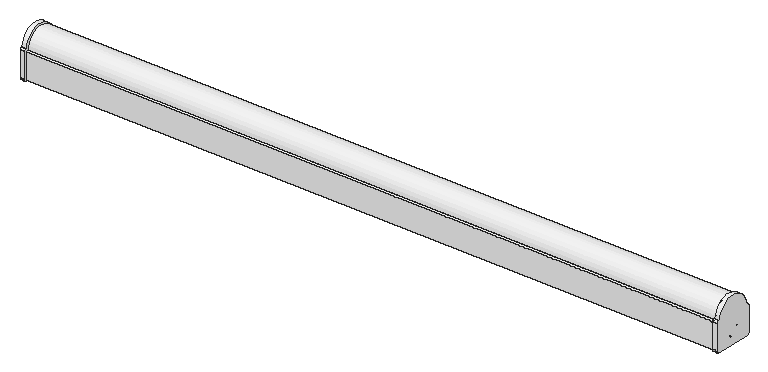
Revit family "0045196 Feilo Sylvania Lighting Fixture SYLBATTEN LED3 6000K DALI TP5 ", category Lighting Fixtures, host Face, Revit 2017
Family settings
  Host = Face
  Round Connector Dimension = Use Diameter
  Part Type = Normal
  OmniClass Number = 23.80.70.00
  OmniClass Title = Lighting
  Cut with Voids When Loaded = No
  Light Source = Yes
  Shared = No
  Room Calculation Point = No
Parameters (values of type "0045196 SYLBATTEN LED3 6000K DALI TP5")
  Width_FEILO = 66 mm
  Weight = "2.6 kg"
  Wattage Comments = "n/a"
  Wattage = 26 W
  WarrantyStartDate [instance] = "n/a"
  WarrantyGuarantorParts = "n/a"
  WarrantyDurationUnit = "n/a"
  WarrantyDurationParts = "n/a"
  WarrantyDescription = "n/a"
  built-in parameter 1150110 = 1 (stored number, unit not read)
  Voltage = 230 V
  URL = "http://www.sylvania-lighting.com"
  TypeName = "SYLBATTEN LED3 6000K DALI TP5"
  Type Image = <None>
  Type Comments = "n/a"
  built-in parameter 1114217 = 1 (stored number, unit not read)
  Tilt Angle = -90.00°
  built-in parameter 1150109 = 1 (stored number, unit not read)
  built-in parameter 1150134 = 5
  SymReflector_FEILO = no
  built-in parameter 1150113 = 1 (stored number, unit not read)
  SerialNumber [instance] = "n/a"
  PowerFactor = 0
  PowerConsumption = "26 W"
  Photometric Web File = "0045196.ies"
  NominalLength = 1205 mm
  NominalHeight = 76 mm
  NominalDepth = 66 mm
  Name = "SYLBATTEN LED3 6000K DALI TP5"
  ModelReference = Name  # "SYLBATTEN LED3 6000K DALI TP5"
  ModelNumber = "0045196"
  Model = Name  # "SYLBATTEN LED3 6000K DALI TP5"
  Material_4_FEILO = Reflector-Sylvania-Sylbatten-White
  Material_3_FEILO = Diffuser-Sylvania-Sylbatten-Glow
  Material_2_FEILO = Body-Sylvania-Sylbatten-White
  Material_1_FEILO = Body-Sylvania-Sylbatten-White
  Material = "sheet steel housing, polycarbonate diffuser"
  ManufacturerName = "Feilo Sylvania"
  Manufacturer = "Feilo Sylvania"
  LuminousEfficacy = "113 lm/W"
  built-in parameter 1150105 = 233.8 (stored number, unit not read)
  Lumens = 2938 lm
  LuminaireType = ""
  built-in parameter 1150115 = 1 (stored number, unit not read)
  LightOutputRatio = "100"
  built-in parameter 1150137 = (empty or 0)
  built-in parameter 1150139 = (empty or 0)
  Length_FEILO = 1205 mm
  LampsType = Lamp  # "LED"
  LampNominalLuminous = "2938 lm"
  LampMacAdamStep = "n/a"
  LampColourTemperature = "6000 K"
  LampColourRenderingIndex = "80"
  built-in parameter 1150112 = 1 (stored number, unit not read)
  built-in parameter 1150114 = 1 (stored number, unit not read)
  Lamp = "LED"
  Keynote = "16500"
  InstallationDate [instance] = "n/a"
  InputVoltage = "220-240V~"
  InputNominalFrequency = "n/a"
  built-in parameter 1150132 = (empty or 0)
  built-in parameter 1150102 = (empty or 0)
  built-in parameter 1150107 = 6000 (stored number, unit not read)
  built-in parameter 1150138 = (empty or 0)
  IngressProtection = "IP20"
  ImpactProtectionIndex = "IK07"
  built-in parameter 1150106 = 2.338 (stored number, unit not read)
  IfcExportType = "IfcLightFixtureType"
  IfcExportAs = "IfcLightFixtureType"
  Height_FEILO = 76 mm
  ExpectedLife = 50000
  Emit from Rectangle Width = Length_FEILO - 16 mm  # 1189 mm
  Emit from Rectangle Length = Width_FEILO - 40 mm  # 26 mm
  Emit Shape Visible in Rendering = no
  ElectricShockClassification = "Class I"
  built-in parameter 1150104 = 10.498 (stored number, unit not read)
  DurationUnit = "hours"
  DocumentationLiterature = "http://www.sylvania-lighting.com/product/en-int/products/0045196"
  DimmingControlOptions = "Dimmable"
  Dimming Lamp Color Temperature Shift = <None>
  Description = "LED batten, T8 replacement, ease of installation through 2 part push-in design of the housing (safety cable included), through wiring capability (TP5 = 5 core), sheet steel, 2938LM, 26W, 113lm/W, 6000K, drive current: 350mA, CRI 80, 138° wide beam angle, DALI dimmable, IP20, IK07, 50,000 hrs (L70), (LxWxH) 1205x66x76mm, 5 step MacAdam ellipse, 3kg, white RAL 9016, Class 1, 220-240V, energy class: A++, A+, A."
  Default Elevation = 1219.2 mm
  CreatedOn = "2/22/2018"
  CreatedBy = ""
  Cost = 0
  Color Filter = 16777215
  built-in parameter 1114216 [instance] = (empty or 0)
  ClassificationValue = "EF_70_80"
  ClassificationName = "Uniclass2015"
  CapOffset_FEILO = 2 mm
  BarCode [instance] = "n/a"
  built-in parameter 1114218 = 1 (stored number, unit not read)
  BackReflector_FEILO = and(not(AsymReflector_FEILO), SymReflector_FEILO)  # no
  built-in parameter 1150133 = 10 (stored number, unit not read)
  FrontReflector_FEILO = or(AsymReflector_FEILO, SymReflector_FEILO)  # no
  AsymReflector_FEILO = no
  AssetType = "Fixed"
  AssetIdentifier [instance] = "n/a"
  Assembly Code = "D5020200"
  Apparent Load = 26 VA
Reference planes
  plane 1 "Center (Front/Back)": y = 0
  plane 2: z = 0
  plane 3 "Center (Left/Right)": x = 0
  plane 4: x = 602.5
  plane 5: x = -602.5
  plane 6: y = 33
  plane 7: y = -33
  plane 8: z = 76
  plane 9: z = 47
  plane 10: y = -29
  plane 11: y = 29
  plane 12: z = 20
  plane 13: z = 74
  plane 14: y = -31
  plane 15: y = -27
  plane 16: y = 27
  plane 17: y = 31
  plane 18: z = 2
  plane 19: x = -594.5
  plane 20: x = 594.5
  plane 21: z = 49
  plane 22: y = 1
  plane 23: y = -1
  plane 24: z = 21
  plane 25: z = 19
  plane 26: y = -61
  plane 27: y = 61
  plane 28: y = -56
  plane 29: y = 56
  plane 30: z = 91
  plane 31: z = 88
Forms (mm)
  Extrusion 1, solid, material "Body-Sylvania-Sylbatten-White" <- "Material_2_FEILO"
    sketch origin (0, 0, 0) x (0, 1, 0) y (0, 0, 1)
      loop
        line (-31, 2) -> (31, 2) -> (31, 45)
        arc (31, 45) -> (30.414, 46.414) -> (29, 47) r 2
        line (29, 47) -> (27, 47)
        arc (27, 47) -> (0, 74) -> (-27, 47) r 27
        line (-27, 47) -> (-29, 47)
        arc (-29, 47) -> (-30.414, 46.414) -> (-31, 45) r 2
        line (-31, 45) -> (-31, 2)
    from -594.5 to 594.5
  Extrusion 2, solid, material "Body-Sylvania-Sylbatten-White" <- "Material_2_FEILO"
    sketch origin (602.5, 1524, 1219.2) x (0, 1, 0) y (0, 0, 1)
      loop
        arc (-1494, -1219.2) -> (-1491.879, -1218.321) -> (-1491, -1216.2) r 3
        line (-1491, -1216.2) -> (-1491, -1173.2)
        arc (-1491, -1173.2) -> (-1491.879, -1171.079) -> (-1494, -1170.2) r 3
        line (-1494, -1170.2) -> (-1495.069, -1170.2)
        arc (-1495.069, -1170.2) -> (-1524, -1143.2) -> (-1552.931, -1170.2) r 29
        line (-1552.931, -1170.2) -> (-1554, -1170.2)
        arc (-1554, -1170.2) -> (-1556.121, -1171.079) -> (-1557, -1173.2) r 3
        line (-1557, -1173.2) -> (-1557, -1216.2)
        arc (-1557, -1216.2) -> (-1556.121, -1218.321) -> (-1554, -1219.2) r 3
        line (-1554, -1219.2) -> (-1494, -1219.2)
      loop
        arc (-1525, -1189.25) -> (-1531.071, -1192.129) -> (-1533.95, -1198.2) r 10
        line (-1533.95, -1198.2) -> (-1532.944, -1198.2)
        arc (-1532.944, -1198.2) -> (-1530.364, -1192.836) -> (-1525, -1190.256) r 9
        line (-1525, -1190.256) -> (-1525, -1189.25)
      loop
        arc (-1523, -1190.256) -> (-1517.636, -1192.836) -> (-1515.056, -1198.2) r 9
        line (-1515.056, -1198.2) -> (-1514.05, -1198.2)
        arc (-1514.05, -1198.2) -> (-1516.929, -1192.129) -> (-1523, -1189.25) r 10
        line (-1523, -1189.25) -> (-1523, -1190.256)
      loop
        line (-1532.944, -1200.2) -> (-1533.95, -1200.2)
        arc (-1533.95, -1200.2) -> (-1531.071, -1206.271) -> (-1525, -1209.15) r 10
        line (-1525, -1209.15) -> (-1525, -1208.144)
        arc (-1525, -1208.144) -> (-1530.364, -1205.564) -> (-1532.944, -1200.2) r 9
      loop
        arc (-1515.056, -1200.2) -> (-1517.636, -1205.564) -> (-1523, -1208.144) r 9
        line (-1523, -1208.144) -> (-1523, -1209.15)
        arc (-1523, -1209.15) -> (-1516.929, -1206.271) -> (-1514.05, -1200.2) r 10
        line (-1514.05, -1200.2) -> (-1515.056, -1200.2)
    from 0 to -8
  Extrusion 3, solid, material "Body-Sylvania-Sylbatten-White" <- "Material_2_FEILO"
    sketch origin (-602.5, 1524, 1219.2) x (0, 1, 0) y (0, 0, 1)
      loop
        arc (-1495.069, -1170.2) -> (-1524, -1143.2) -> (-1552.931, -1170.2) r 29
        line (-1552.931, -1170.2) -> (-1554, -1170.2)
        arc (-1554, -1170.2) -> (-1556.121, -1171.079) -> (-1557, -1173.2) r 3
        line (-1557, -1173.2) -> (-1557, -1216.2)
        arc (-1557, -1216.2) -> (-1556.121, -1218.321) -> (-1554, -1219.2) r 3
        line (-1554, -1219.2) -> (-1494, -1219.2)
        arc (-1494, -1219.2) -> (-1491.879, -1218.321) -> (-1491, -1216.2) r 3
        line (-1491, -1216.2) -> (-1491, -1173.2)
        arc (-1491, -1173.2) -> (-1491.879, -1171.079) -> (-1494, -1170.2) r 3
        line (-1494, -1170.2) -> (-1495.069, -1170.2)
      loop
        line (-1533.95, -1198.2) -> (-1532.944, -1198.2)
        arc (-1532.944, -1198.2) -> (-1530.364, -1192.836) -> (-1525, -1190.256) r 9
        line (-1525, -1190.256) -> (-1525, -1189.25)
        arc (-1525, -1189.25) -> (-1531.071, -1192.129) -> (-1533.95, -1198.2) r 10
      loop
        line (-1523, -1189.25) -> (-1523, -1190.256)
        arc (-1523, -1190.256) -> (-1517.636, -1192.836) -> (-1515.056, -1198.2) r 9
        line (-1515.056, -1198.2) -> (-1514.05, -1198.2)
        arc (-1514.05, -1198.2) -> (-1516.929, -1192.129) -> (-1523, -1189.25) r 10
      loop
        line (-1514.05, -1200.2) -> (-1515.056, -1200.2)
        arc (-1515.056, -1200.2) -> (-1517.636, -1205.564) -> (-1523, -1208.144) r 9
        line (-1523, -1208.144) -> (-1523, -1209.15)
        arc (-1523, -1209.15) -> (-1516.929, -1206.271) -> (-1514.05, -1200.2) r 10
      loop
        line (-1525, -1209.15) -> (-1525, -1208.144)
        arc (-1525, -1208.144) -> (-1530.364, -1205.564) -> (-1532.944, -1200.2) r 9
        line (-1532.944, -1200.2) -> (-1533.95, -1200.2)
        arc (-1533.95, -1200.2) -> (-1531.071, -1206.271) -> (-1525, -1209.15) r 10
    from 0 to 8
  Extrusion 4, solid, material "Reflector-Sylvania-Sylbatten-White" <- "Material_4_FEILO", visible <- "FrontReflector_FEILO"
    sketch origin (0, 0, 0) x (0, 1, 0) y (0, 0, 1)
      loop
        line (-61.257, 88.429) -> (-60.743, 87.571) -> (-56.621, 90.044)
        arc (-56.621, 90.044) -> (-56.237, 90.099) -> (-55.929, 89.863) r 0.5
        line (-55.929, 89.863) -> (-31.435, 46.753) -> (-30.565, 47.247) -> (-55.312, 90.802)
        arc (-55.312, 90.802) -> (-55.928, 91.275) -> (-56.696, 91.165) r 1
        line (-56.696, 91.165) -> (-61.257, 88.429)
    from -594.5 to 594.5
  Extrusion 5, solid, material "Reflector-Sylvania-Sylbatten-White" <- "Material_4_FEILO", visible <- "BackReflector_FEILO"
    sketch origin (0, 0, 0) x (0, 1, 0) y (0, 0, 1)
      loop
        line (30.565, 47.247) -> (31.435, 46.753) -> (55.932, 89.868)
        arc (55.932, 89.868) -> (56.245, 90.112) -> (56.638, 90.062) r 0.518
        line (56.638, 90.062) -> (61.033, 87.565) -> (61.527, 88.435) -> (56.682, 91.188)
        arc (56.682, 91.188) -> (55.922, 91.282) -> (55.318, 90.812) r 1
        line (55.318, 90.812) -> (30.565, 47.247)
    from -594.5 to 594.5
Lines and regions (mm)
  reference lines
    curve 1: line (0, -61, 88) -> (0, -56, 91)
    curve 2: line (0, -56, 91) -> (0, -31, 47)
    curve 3: line (0, 31, 47) -> (0, 56, 91)
    curve 4: line (0, 56, 91) -> (0, 61.28, 88)
Dimensions and locks
  equal spacing: plane 5, plane 3 "Center (Left/Right)", plane 4
  equal spacing: plane 7, plane 1 "Center (Front/Back)", plane 6
  "Width_FEILO": plane 7 to plane 6
  "Length_FEILO": plane 5 to plane 4
  "Height_FEILO": plane 8 to plane 2
  locked: plane 9 to plane 8 at 29
  equal spacing: plane 10, plane 1 "Center (Front/Back)", plane 11
  locked: plane 7 to plane 10 at 4
  locked: plane 12 to plane 2 at 20
  "CapOffset_FEILO": plane 13 to plane 8
  "CapOffset_FEILO": plane 7 to plane 14
  "CapOffset_FEILO": plane 10 to plane 15
  "CapOffset_FEILO": plane 17 to plane 6
  "CapOffset_FEILO": plane 16 to plane 11
  "CapOffset_FEILO": plane 18 to plane 2
  locked: plane 14 to Extrusion 1 sketch curve at 2
  locked: Extrusion 1 sketch curve to plane 9 at 2  (x2)
  locked: plane 16 to Extrusion 1 sketch curve at 2
  equal spacing: plane 19, plane 3 "Center (Left/Right)", plane 20
  locked: plane 5 to plane 19 at 8
  "CapOffset_FEILO": plane 9 to plane 21
  locked: Extrusion 2 sketch curve to plane 2 at 47
  locked: Extrusion 1 sketch curve to plane 2 at 47
  locked: Extrusion 2 sketch curve to plane 2 at 3  (x2)
  locked: plane 7 to Extrusion 2 sketch curve at 3  (x2)
  locked: Extrusion 2 sketch curve to plane 6 at 3  (x2)
  locked: Extrusion 2 sketch curve to plane 21 at 3  (x2)
  equal spacing: plane 23, plane 1 "Center (Front/Back)", plane 22
  equal spacing: plane 25, plane 12, plane 24
  plane 30 to plane 31 to plane 2 = 3 mm locked, 88 mm locked
  plane 28 to plane 29 = 112 mm
  plane 26 to plane 27 = 122 mm
  aligned and locked: plane 2 to host face
  aligned and locked: level to host face
  aligned and locked: plane 18 to Extrusion 1 sketch curve
  aligned and locked: plane 14 to Extrusion 1 sketch curve
  aligned and locked: Extrusion 1 sketch curve to plane 9  (x2)
  aligned and locked: Extrusion 1 sketch curve to plane 17
  aligned and locked: plane 15 to Extrusion 1 sketch curve
  aligned and locked: plane 16 to Extrusion 1 sketch curve
  aligned and locked: plane 9 to Extrusion 1 sketch curve
  aligned and locked: plane 20 to Extrusion 1
  aligned and locked: level to Extrusion 2 sketch curve
  aligned and locked: Extrusion 2 sketch curve to plane 7
  aligned and locked: plane 21 to Extrusion 2 sketch curve
  aligned and locked: Extrusion 2 sketch curve to plane 21
  aligned and locked: plane 1 "Center (Front/Back)" to Extrusion 2 sketch curve  (x3)
  aligned and locked: Extrusion 2 to Extrusion 1
  aligned and locked: plane 4 to Extrusion 2
  aligned and locked: plane 12 to Extrusion 2 sketch curve  (x2)
  aligned and locked: Extrusion 2 sketch curve to plane 22
  aligned and locked: Extrusion 2 sketch curve to plane 23
  aligned and locked: Extrusion 2 sketch curve to plane 24
  aligned and locked: Extrusion 2 sketch curve to plane 25
  aligned and locked: plane 25 to Extrusion 2 sketch curve
  aligned and locked: plane 22 to Extrusion 2 sketch curve
  aligned and locked: plane 24 to Extrusion 2 sketch curve
  aligned and locked: plane 23 to Extrusion 2 sketch curve  (x2)
  aligned and locked: Extrusion 3 sketch curve to Extrusion 2  (x22)
  aligned and locked: Extrusion 3 to Extrusion 1
  aligned and locked: Extrusion 3 to plane 5
  aligned and locked: plane 19 to Extrusion 3
  aligned and locked: plane 31 to curve 1
  aligned and locked: plane 30 to curve 1
  aligned and locked: plane 14 to curve 2
  aligned and locked: plane 9 to curve 2
  aligned and locked: plane 17 to curve 3
  aligned and locked: plane 30 to curve 3
  aligned and locked: plane 31 to curve 4
  aligned and locked: Extrusion 4 sketch curve to curve 2
  aligned and locked: Extrusion 4 sketch curve to curve 1
  aligned and locked: Extrusion 4 to Extrusion 1
  aligned and locked: Extrusion 1 to Extrusion 4
  aligned and locked: imposter light to plane 1 "Center (Front/Back)"
  aligned and locked: imposter light to plane 3 "Center (Left/Right)"
  aligned and locked: imposter light to plane 13
  aligned and locked: Extrusion 5 sketch curve to curve 4
  aligned and locked: Extrusion 5 sketch curve to curve 3
  aligned and locked: Extrusion 1 to Extrusion 5
  aligned and locked: Extrusion 5 to Extrusion 1
Automatic sketch dimensions
  host sketch curve to host sketch curve = 2438.4 mm  (x2)
  Extrusion 2 sketch curve to Extrusion 2 sketch curve = 0 mm  (x14)
  Extrusion 2 sketch curve to plane 10 = 0.069 mm
  plane 23 to Extrusion 2 sketch curve = 8.95 mm
  Extrusion 2 sketch curve to Extrusion 2 sketch curve = 1.006 mm  (x4)
  Extrusion 2 sketch curve to plane 22 = 7.944 mm
  curve 1 to plane 26 = 0 mm
  curve 2 to plane 28 = 0 mm
  curve 4 to plane 29 = 0 mm
  plane 9 to curve 3 = 0 mm
  plane 26 to Extrusion 4 sketch curve = 0.257 mm
  Extrusion 4 sketch curve to plane 26 = 0.257 mm
  Extrusion 4 sketch curve to plane 30 = 0.165 mm
  plane 28 to Extrusion 4 sketch curve = 0.696 mm
  plane 28 to Extrusion 4 sketch curve = 0.621 mm
  plane 28 to Extrusion 4 sketch curve = 0.364 mm
  plane 28 to Extrusion 4 sketch curve = 0.182 mm
  Extrusion 4 sketch curve to plane 28 = 0.071 mm
  plane 30 to Extrusion 4 sketch curve = 0.198 mm
  Extrusion 4 sketch curve to plane 28 = 0.688 mm
  plane 9 to Extrusion 4 sketch curve = 0.247 mm
  plane 1 "Center (Front/Back)" to Extrusion 4 sketch curve = 31.435 mm
  Extrusion 5 sketch curve to plane 9 = 0.247 mm
  Extrusion 5 sketch curve to plane 1 "Center (Front/Back)" = 30.565 mm
  plane 9 to Extrusion 5 sketch curve = 0.247 mm
  plane 30 to Extrusion 5 sketch curve = 0.188 mm
  plane 29 to Extrusion 5 sketch curve = 0.068 mm
  Extrusion 5 sketch curve to plane 29 = 0.188 mm
  Extrusion 5 sketch curve to plane 29 = 0.382 mm
  Extrusion 5 sketch curve to Extrusion 5 sketch curve = 0.256 mm
  Extrusion 5 sketch curve to plane 30 = 0.188 mm
  Extrusion 5 sketch curve to plane 29 = 0.682 mm
  Extrusion 5 sketch curve to plane 27 = 0.033 mm
  Extrusion 5 sketch curve to plane 27 = 0.527 mm
Connectors
  electrical at (0, 0, 0), driven by "Apparent Load", driven by "PowerFactor", driven by "Voltage"
    settings: index 1, voltage 230 V, apparent load 26 VA, apparent load phase1 0 VA, apparent load phase2 0 VA, apparent load phase3 0 VA, power factor 0, load classification "Lighting", number of poles 1, system type 30, power factor state 1, is connector primary yes, connector utility no, sub classification motor no, connector description ""
